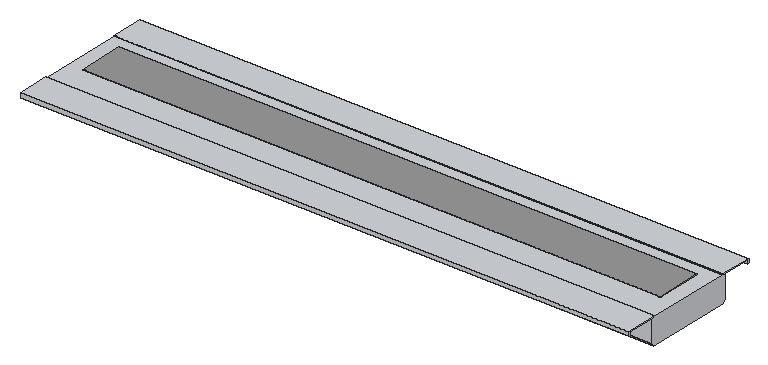
Revit family "2021687 Sylvania Lighting Fixture OPTIX R 1200 ASYMMETRIC 4K SSC WHITE", category Lighting Fixtures, host Face, Revit 2018
Family settings
  Host = Face
  Round Connector Dimension = Use Diameter
  Part Type = Normal
  OmniClass Number = 23.80.70.00
  OmniClass Title = Lighting
  Cut with Voids When Loaded = No
  Light Source = Yes
  Shared = No
  Room Calculation Point = No
Parameters (values of type "2021687 OPTIX R 1200 ASYM 4K SSC WHT")
  spacer height = 8 mm
  spacer centres = 1000 mm
  Width = 293 mm
  Weight = "n/a"
  Wattage Comments = ""
  Wattage = 9.2903 W
  WarrantyStartDate [instance] = "n/a"
  WarrantyGuarantorParts = "n/a"
  WarrantyDurationUnit = "n/a"
  WarrantyDurationParts = ""
  WarrantyDescription = "http://www.sylvania-lighting.com"
  built-in parameter 1150110 = 1 (stored number, unit not read)
  Voltage = 0 V
  URL = "1"
  TypeName = "OPTIX R 1200 ASYMMETRIC 4K SSC WHITE"
  Type Image = <None>
  Type Comments = "n/a"
  built-in parameter 1114217 = 1 (stored number, unit not read)
  Tilt Angle = 90.00°
  built-in parameter 1150109 = 1 (stored number, unit not read)
  built-in parameter 1150134 = 3
  built-in parameter 1150113 = 1 (stored number, unit not read)
  SerialNumber [instance] = "n/a"
  Photometric Web File = "2021687.ies"
  Material_3_FEILO = none
  PowerFactor = 0
  PowerConsumption = "Lighting"
  NominalLength = 293 mm
  NominalHeight = 0 mm
  NominalDepth = 0 mm
  Name = "OPTIX R 1200 ASYMMETRIC 4K SSC WHITE"
  ModelReference = Name  # "OPTIX R 1200 ASYMMETRIC 4K SSC WHITE"
  ModelNumber = "2021687"
  Model = Name  # "OPTIX R 1200 ASYMMETRIC 4K SSC WHITE"
  Material = "Feilo Sylvania"
  ManufacturerName = "112 lm/W"
  Manufacturer = ""
  LuminousEfficacy = ""
  built-in parameter 1150105 = 109.82 (stored number, unit not read)
  Lumens = 1380 lm
  LuminaireType = "0"
  built-in parameter 1150115 = 1 (stored number, unit not read)
  LightOutputRatio = "LED"
  built-in parameter 1150137 = (empty or 0)
  built-in parameter 1150139 = (empty or 0)
  Length = 1196 mm
  LampsType = Lamp  # "n/a"
  LampNominalLuminous = "4000 K"
  LampMacAdamStep = "80"
  LampColourTemperature = "LED"
  LampColourRenderingIndex = "16500"
  built-in parameter 1150112 = 1 (stored number, unit not read)
  built-in parameter 1150114 = 1 (stored number, unit not read)
  Lamp = "n/a"
  Keynote = "n/a"
  InstallationDate [instance] = "n/a"
  InputVoltage = "0"
  InputNominalFrequency = "4000"
  built-in parameter 1150132 = (empty or 0)
  built-in parameter 1150102 = (empty or 0)
  built-in parameter 1150107 = 3200 (stored number, unit not read)
  built-in parameter 1150138 = (empty or 0)
  IngressProtection = "IfcLightFixtureType"
  ImpactProtectionIndex = "IfcLightFixtureType"
  built-in parameter 1150106 = 1.0982 (stored number, unit not read)
  IfcExportType = "IfcLightFixtureType"
  IfcExportAs = "Class I"
  Height = 52 mm
  ExpectedLife = 50000
  Emit from Circle Diameter = 609.6 mm
  Emit Shape Visible in Rendering = no
  ElectricShockClassification = "112"
  built-in parameter 1150104 = 13.8 (stored number, unit not read)
  DurationUnit = "hours"
  DocumentationLiterature = "http://www.sylvania-lighting.com/product/en-int/products/2021687"
  DimmingControlOptions = "n/a"
  Material_2_FEILO = none
  Dimming Lamp Color Temperature Shift = <None>
  Description = "Recessed LED Linear luminaire with Asymmetric Aluminium Reflector, Asymmetric Light Distribution, Luminaire Dimensions: 1196x293x52mm, Sylvania White body colour, IP20, IK07, SylSmart Standalone Office controlled, Low LED flicker (+/-5%), Warm White (3000K) LED Colour Temperature, 3480lm, 31W, 112lm/W efficacy, CRI>80, 3 SDCM (3-step MacAdam ellipse) LED Colour Consistency, Lumen Maintenance: L90B50 at 60,000 hours."
  Default Elevation = 1219.2 mm
  CreatedOn = "24/03/2021"
  CreatedBy = "@sylvania-lighting.com"
  Cost = 0
  Color Filter = 16777215
  built-in parameter 1114216 [instance] = (empty or 0)
  ClassificationValue = "EF_70_80"
  ClassificationName = "Uniclass2015"
  Material_1_FEILO = none
  BarCode [instance] = "n/a"
  built-in parameter 1114218 = 1 (stored number, unit not read)
  built-in parameter 1150133 = 10 (stored number, unit not read)
  AssetType = "Fixed"
  AssetIdentifier [instance] = "n/a"
  Assembly Code = "D5020200"
  Apparent Load = 31 VA
  Material_4_FEILO = none
Reference planes
  plane 1 "Center (Front/Back)": y = 0
  plane 2: z = 0
  plane 3 "Center (Left/Right)": x = 0
  plane 4: z = 0
  plane 5: z = -52
  plane 6: y = 146.5
  plane 7: y = -146.5
  plane 8: x = -598
  plane 9: x = 598
  plane 10: z = -8
  plane 11: y = 145.5
  plane 12: z = -1
  plane 13: y = -145.5
  plane 14: z = -1
  plane 15: y = 89.5
  plane 16: y = -89.5
  plane 17: y = 84.5
  plane 18: z = -47
  plane 19: z = -47
  plane 20: y = -84.5
  plane 21: x = 568
  plane 22: x = -568
  plane 23: y = -31.5
  plane 24: y = 58.5
Forms (mm)
  Extrusion 1, solid, material <- "Material_1_FEILO", detail levels medium+fine
    sketch origin (319, 1524, 1219.2) x (0, 1, 0) y (0, 0, 1)
      loop
        line (-1377.5, -1227.2) -> (-1377.5, -1219.2) -> (-1440.5, -1219.2) -> (-1440.5, -1220.2) -> (-1378.5, -1220.2) -> (-1378.5, -1227.2) -> (-1377.5, -1227.2)
    from -917 to 279
  Extrusion 2, solid, material <- "Material_1_FEILO", detail levels medium+fine
    sketch origin (0, 0, 0) x (0, 1, 0) y (0, 0, 1)
      loop
        line (-145.5, -8) -> (-145.5, -1) -> (-83.5, -1) -> (-83.5, 0) -> (-146.5, 0) -> (-146.5, -8) -> (-145.5, -8)
    from -598 to 598
  Extrusion 3, solid, material <- "Material_1_FEILO", detail levels medium+fine
    sketch origin (319, 1524, 1219.2) x (0, 1, 0) y (0, 0, 1)
      loop
        line (-1434.5, -1220.2) -> (-1613.5, -1220.2) -> (-1613.5, -1266.2) -> (-1608.5, -1271.2) -> (-1439.5, -1271.2) -> (-1434.5, -1266.2) -> (-1434.5, -1220.2)
    from -917 to 279
  Extrusion 4, solid, material "Glass, White, High Luminance", detail levels fine
    sketch origin (4.2, 0, 0) x (1, 0, 0) y (0, 1, 0)
      loop
        line (-572.2, 58.5) -> (-572.2, -31.5) -> (563.8, -31.5) -> (563.8, 58.5) -> (-572.2, 58.5)
    from 0 to 1
  Extrusion 5, void
    sketch origin (-984.261, -52.317, -52) x (1, 0, 0) y (0, 1, 0)
      loop
        line (386.261, 198.817) -> (386.261, -94.183) -> (1582.261, -94.183) -> (1582.261, 198.817) -> (386.261, 198.817)
    from -337.369 to 583.514
  Extrusion 6, solid, detail levels coarse
    sketch origin (0, 1219.2, 38) x (1, 0, 0) y (0, 1, 0)
      loop
        line (-598, -1072.7) -> (-598, -1365.7) -> (598, -1365.7) -> (598, -1072.7) -> (-598, -1072.7)
    from -37 to -90
Dimensions and locks
  "Width": plane 6 to plane 7
  equal spacing: plane 6, plane 1 "Center (Front/Back)", plane 7
  "Length": plane 8 to plane 9
  equal spacing: plane 8, plane 3 "Center (Left/Right)", plane 9
  "spacer height": host face to plane 10
  "Height": level to plane 5
  plane 3 "Center (Left/Right)" to Extrusion 1 = 598 mm
  aligned and locked: plane 2 to host face
  aligned and locked: level to host face
Automatic sketch dimensions
  host sketch curve to host sketch curve = 2438.4 mm
  host sketch curve to host sketch curve = 2429.7 mm
  Extrusion 1 sketch curve to plane 10 = 0 mm
  Extrusion 1 sketch curve to plane 11 = 0 mm
  Extrusion 1 sketch curve to plane 6 = 0 mm
  Extrusion 1 sketch curve to plane 12 = 0 mm
  Extrusion 1 sketch curve to level = 0 mm
  Extrusion 2 sketch curve to plane 7 = 0 mm
  Extrusion 2 sketch curve to plane 13 = 0 mm
  Extrusion 2 sketch curve to plane 12 = 0 mm
  Extrusion 2 sketch curve to plane 10 = 0 mm
  Extrusion 2 sketch curve to level = 0 mm
  Extrusion 2 sketch curve to plane 16 = 6 mm
  plane 15 to Extrusion 1 sketch curve = 6 mm
  Extrusion 3 sketch curve to plane 12 = 0 mm
  Extrusion 3 sketch curve to plane 16 = 0 mm
  Extrusion 3 sketch curve to plane 5 = 0 mm
  Extrusion 3 sketch curve to plane 20 = 0 mm
  Extrusion 3 sketch curve to plane 17 = 0 mm
  Extrusion 3 sketch curve to plane 15 = 0 mm
  Extrusion 3 sketch curve to plane 18 = 0 mm  (x2)
  Extrusion 4 sketch curve to plane 22 = 0 mm
  Extrusion 4 sketch curve to plane 21 = 0 mm
  Extrusion 4 sketch curve to plane 23 = 0 mm
  plane 24 to Extrusion 4 sketch curve = 0 mm
  Extrusion 5 sketch curve to Extrusion 5 sketch curve = 1196 mm
  Extrusion 5 sketch curve to plane 6 = 293 mm
  Extrusion 5 sketch curve to plane 9 = 1196 mm
  Extrusion 5 sketch curve to Extrusion 5 sketch curve = 293 mm
  Extrusion 6 sketch curve to plane 7 = 0 mm
  Extrusion 6 sketch curve to plane 8 = 0 mm
  Extrusion 6 sketch curve to plane 9 = 0 mm
  Extrusion 6 sketch curve to plane 11 = 1 mm
Connectors
  electrical at (0, 0, -52)
    settings: on Extrusion 3, index 1, voltage 0 V, apparent load 0 VA, apparent load phase1 0 VA, apparent load phase2 0 VA, apparent load phase3 0 VA, power factor 1, load classification "Other", number of poles 1, system type 31, power factor state 1, is connector primary yes, connector utility no, sub classification motor no, connector description ""
